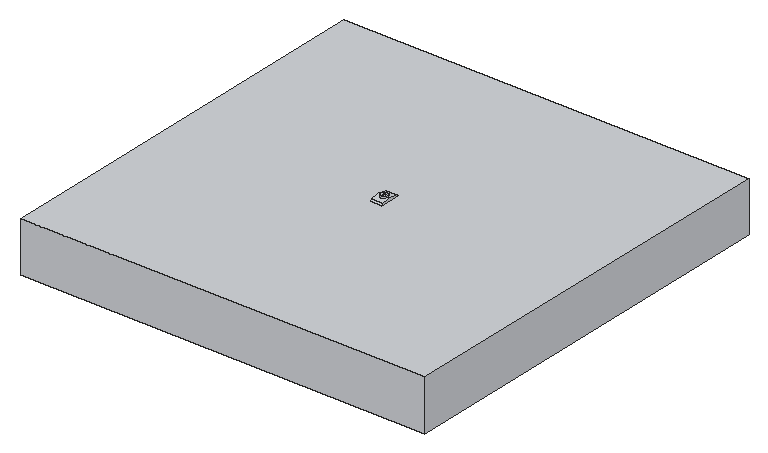
Revit family "M_Prendedor de porta do alarme de incêndio - Magnético - Montado na parede", category Dispositivos de alarme de incêndio, Revit 2019
Family settings
  Hospedeiro = Face
  Manter orientação da anotação = Sim
  Cota do conector redondo = Utilizar diâmetro
  Tipo de parte = Normal
  Número OmniClass = 23.85.30.21.11.17
  Título OmniClass = Other Components
  ID de item do Seek = Fire Alarm Door Holder - Magnetic - Wall Mounted-0000-CAN-ENU
  Corte com vazios quando carregada = Não
  Compartilhado = Não
  Ponto de cálculo do ambiente = Não
Parameters (values of type "Padrão")
  Material do prendedor de porta = none
  Elevação-padrão = 460 mm
Reference planes
  plane 1 "Centro (Frente/Trás)": y = 0
  plane 2: z = 0
  plane 3 "Centro (Esquerda/Direita)": x = 0
  plane 4: x = 34.925
  plane 5: x = -34.925
  plane 6: y = 58.737
  plane 7: y = -58.738
  plane 8: y = 52.387
  plane 9: y = -52.388
  plane 10: x = -28.575
  plane 11: x = 28.575
  plane 12: z = 20.637
  plane 13: z = 17.462
  plane 14: z = 8.731
Forms (mm)
  Extrusion 1, solid
    sketch origin (0, 0, 0) x (1, 0, 0) y (0, 1, 0)
      loop
        line (-1219.2, 1219.2) -> (-1219.2, -1219.2) -> (1219.2, -1219.2) -> (1219.2, 1219.2) -> (-1219.2, 1219.2)
    from 0 to -304.8
  Extrusion 2, solid, material <- "Material do prendedor de porta"
    sketch origin (0, 0, 0) x (0, 1, 0) y (0, 0, 1)
      loop
        line (58.737, 0) -> (52.387, 8.731) -> (0, 17.462) -> (-52.388, 8.731) -> (-58.738, 0) -> (58.737, 0)
    from -34.925 to 34.925
  Extrusion 3, solid, material <- "Material do prendedor de porta"
    sketch origin (0, 0, 0) x (1, 0, 0) y (0, 1, 0)
      loop
        circle (0, 0) r 20.32
    from 8.731 to 20.638
  Extrusion 4, void
    sketch origin (0, 0, 0) x (1, 0, 0) y (0, 1, 0)
      loop
        circle (0, 0) r 6.35
    from 17.463 to 20.637
Cuts and joins
  Extrusion 4 cuts Extrusion 3
  joined: Extrusion 2, Extrusion 3
Lines and regions (mm)
  symbolic lines, detail levels fine
    curve 1: line (20.32, 0, 20.637) -> (-20.32, 0, 20.637)
    curve 2: line (-34.925, 0, 0) -> (34.925, 0, 0)
    curve 3: line (-34.925, 0, 17.462) -> (-34.925, 0, 0)
    curve 4: line (34.925, 0, 0) -> (34.925, 0, 17.462)
    curve 5: line (-34.925, 0, 17.462) -> (-20.32, 0, 17.462)
    curve 6: line (-20.32, 0, 17.462) -> (-20.32, 0, 20.637)
    curve 7: line (20.32, 0, 20.637) -> (20.32, 0, 17.462)
    curve 8: line (20.32, 0, 17.462) -> (34.925, 0, 17.462)
    curve 9: spline (-20.281, 0, 17.462) -> (-19.652, 0, 16.59) -> (-17.66, 0, 15.775) -> (-14.442, 0, 15.074) -> (-10.224, 0, 14.536) -> (-5.295, 0, 14.197) -> (0, 0, 14.081) -> (5.295, 0, 14.197) -> (10.224, 0, 14.536) -> (14.442, 0, 15.074) -> (17.66, 0, 15.775) -> (19.652, 0, 16.59) -> (20.281, 0, 17.462)
Dimensions and locks
  equal spacing: plane 5, plane 3 "Centro (Esquerda/Direita)", plane 4
  locked: plane 5 to plane 4 at 69.85
  equal spacing: plane 7, plane 1 "Centro (Frente/Trás)", plane 6
  locked: plane 7 to plane 6 at 117.475
  locked: plane 8 to plane 6 at 6.35
  locked: plane 9 to plane 7 at 6.35
  plane 5 to plane 10 = 6.35 mm
  plane 11 to plane 4 = 6.35 mm
  locked: plane 12 to plane 2 at 20.638
  locked: plane 12 to plane 13 at 3.175
  equal spacing: plane 13, plane 14, plane 2
  radius of Extrusion 3 sketch curve = 20.32 mm
  radius of Extrusion 4 sketch curve = 6.35 mm
  aligned and locked: plane 2 to Extrusion 1
  aligned and locked: level to Extrusion 1
  aligned and locked: Extrusion 2 sketch curve to plane 2
  aligned and locked: plane 6 to Extrusion 2 sketch curve
  aligned and locked: plane 8 to Extrusion 2 sketch curve
  aligned and locked: plane 14 to Extrusion 2 sketch curve  (x2)
  aligned and locked: plane 1 "Centro (Frente/Trás)" to Extrusion 2 sketch curve
  aligned and locked: plane 13 to Extrusion 2 sketch curve
  aligned and locked: plane 9 to Extrusion 2 sketch curve
  aligned and locked: plane 2 to Extrusion 2 sketch curve
  aligned and locked: plane 7 to Extrusion 2 sketch curve
  aligned and locked: plane 5 to Extrusion 2
  aligned and locked: plane 4 to Extrusion 2
  aligned and locked: plane 1 "Centro (Frente/Trás)" to Extrusion 3 sketch curve
  aligned and locked: plane 3 "Centro (Esquerda/Direita)" to Extrusion 3 sketch curve
  aligned and locked: Extrusion 3 to plane 14
  aligned and locked: plane 12 to Extrusion 3
  aligned and locked: plane 1 "Centro (Frente/Trás)" to Extrusion 4 sketch curve
  aligned and locked: plane 3 "Centro (Esquerda/Direita)" to Extrusion 4 sketch curve
  aligned and locked: Extrusion 4 to plane 13
  aligned and locked: plane 12 to Extrusion 4
  aligned and locked: plane 1 "Centro (Frente/Trás)" to nested 1
  aligned and locked: plane 3 "Centro (Esquerda/Direita)" to nested 1
  aligned and locked: curve 1 to cut or joined group of Extrusion 2, Extrusion 3, Extrusion 4
  aligned and locked: curve 2 to cut or joined group of Extrusion 2, Extrusion 3, Extrusion 4
  aligned and locked: curve 3 to cut or joined group of Extrusion 2, Extrusion 3, Extrusion 4
  aligned and locked: curve 4 to cut or joined group of Extrusion 2, Extrusion 3, Extrusion 4
Automatic sketch dimensions
  Extrusion 1 sketch curve to Extrusion 1 sketch curve = 2438.4 mm  (x2)
  curve 6 to plane 13 = 0 mm
  curve 7 to plane 13 = 0 mm
  curve 6 to plane 10 = 8.255 mm
  curve 7 to plane 11 = 8.255 mm
Nested families
  nested 1: "M_Prendedor de porta do alarme de incêndio - Magnético - Anotação montada na parede" at (0, 0, 0), type "Prendedor de porta do alarme de incêndio - Magnético - Anotação montada na parede", detail levels coarse+medium
Connectors
  electrical at (0, 0, 0)
    settings: on cut or joined group of Extrusion 2, Extrusion 3, Extrusion 4, index 1, voltage 0 V, apparent load 0 VA, apparent load phase1 0 VA, apparent load phase2 0 VA, apparent load phase3 0 VA, power factor 1, load classification "Outros", number of poles 1, system type 11, power factor state 1, is connector primary yes, connector utility no, sub classification motor no, connector description ""
Definition of nested family "M_Prendedor de porta do alarme de incêndio - Magnético - Anotação montada na parede"
  Parameters
    Anotação de legenda = "M"
  Reference planes
    plane 1: y = 0
    plane 2: x = 0
  Lines and regions (mm)
    reference lines
      curve 1: line (-2.381, 13.856, 0) -> (-2.381, 1.588, 0)
      curve 2: line (2.381, 15.42, 0) -> (2.381, 0.97, 0)
      curve 3: line (-11.124, 6.35, 0) -> (19.901, 6.35, 0)
      curve 8: line (-17.987, 1.588, 0) -> (20.113, 1.588, 0)
      curve 9: line (-0.794, 2.824, 0) -> (-0.794, -5.147, 0)
      curve 10: line (0.794, 2.595, 0) -> (0.794, -3.755, 0)
    detail lines
      curve 4: line (-2.381, 6.35, 0) -> (2.381, 6.35, 0)
      curve 5: line (-2.381, 1.588, 0) -> (-2.381, 6.35, 0)
      curve 6: line (2.381, 1.588, 0) -> (-2.381, 1.588, 0)
      curve 7: line (2.381, 6.35, 0) -> (2.381, 1.588, 0)
      curve 11: line (0, 1.588, 0) -> (0, 0, 0)
      curve 12: line (-0.794, 0, 0) -> (0.794, 0, 0)
  Text (mm)
    label "M" at (-1.361, 4.076, 0), shows "Anotação de legenda"
  Dimensions and locks
    locked: curve 1 to plane 2 at 2.381
    locked: plane 2 to curve 2 at 2.381
    locked: curve 8 to curve 3 at 4.762
    locked: plane 1 to curve 8 at 1.588
    locked: curve 9 to plane 2 at 0.794
    locked: plane 2 to curve 10 at 0.794
    aligned and locked: curve 3 to curve 4
    aligned and locked: curve 5 to curve 1
    aligned and locked: curve 2 to curve 7
    aligned and locked: curve 6 to curve 8
    aligned and locked: curve 8 to curve 11
    aligned and locked: plane 1 to curve 11
    aligned and locked: curve 11 to plane 2
    aligned and locked: curve 9 to curve 12
    aligned and locked: curve 10 to curve 12
    aligned and locked: plane 1 to curve 12
